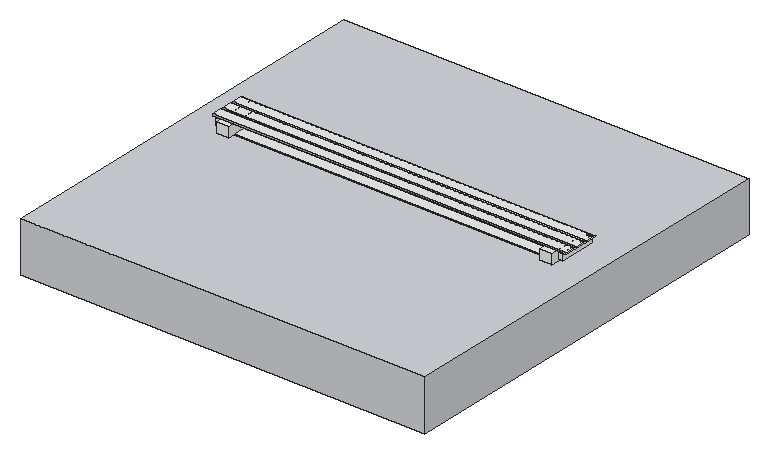
Revit family "Runtal-EB3-120D-120-Volts-84", category Mechanical Equipment, host Face, Revit 2026
Family settings
  Host = Face
  Round Connector Dimension = Use Diameter
  Part Type = Normal
  Classification Number = 23.75.10.14.14
  Cut with Voids When Loaded = No
  Maintain Annotation Orientation = No
  Shared = No
  Room Calculation Point = No
Parameters (values of type "Radiator-EB3-120D-84-Runtal-Electric Baseboard")
  Vertical Conection = Powder Coated-Runtal- Brass
  URL = "http://www.runtalnorthamerica.com/cartpages/orderelectricbaseboard.html"
  Model = "EB3-120D-(120 Volts)84"
  Manufacturer = "Runtal Radiators"
  Logo = Paint-Runtal-B-Black Matte
  Length [instance] = 8.000 ft
  Lamelle = yes
  Height [instance] = 0.000 ft
  Grille = yes
  Description = "84\" Runtal’s electric baseboard combines high outputs and low surface temperatures with the fine design and outstanding outputs."
  Depth [instance] = 0.000 ft
  Default Elevation = 4.479167 ft
  Casing = Powder Coated-Runtal-W-White
  Assembly Code = "D3020"
Reference planes (ft)
  plane 1 "Center (Front/Back)": y = 0
  plane 2: z = 0
  plane 3 "Center (Left/Right)": x = 0
Forms (ft)
  Extrusion 1, solid
    sketch origin (0, 0, 0) x (1, 0, 0) y (0, 1, 0)
      loop
        line (-4, 4) -> (-4, -4) -> (4, -4) -> (4, 4) -> (-4, 4)
    from 0 to -1
  Extrusion 2, solid, material "Powder Coated-Runtal-W-White" <- "Casing", not visible
    sketch origin (-1.041667, -0.1875, -4.570916) x (0, 1, 0) y (0, 0, 1)
      loop
        line (-0.25, 4.705771) -> (-0.25, 4.914105)
        arc (-0.25, 4.914105) -> (-0.260417, 4.924521) -> (-0.270833, 4.914105) r 0.010417
        line (-0.270833, 4.914105) -> (-0.270833, 4.705771)
        arc (-0.270833, 4.705771) -> (-0.260417, 4.695355) -> (-0.25, 4.705771) r 0.010417
      loop
        line (-0.25, 5.195766) -> (-0.25, 5.4041)
        arc (-0.25, 5.4041) -> (-0.260417, 5.414516) -> (-0.270833, 5.4041) r 0.010417
        line (-0.270833, 5.4041) -> (-0.270833, 5.195766)
        arc (-0.270833, 5.195766) -> (-0.260417, 5.18535) -> (-0.25, 5.195766) r 0.010417
      loop
        line (-0.25, 4.950769) -> (-0.25, 5.159102)
        arc (-0.25, 5.159102) -> (-0.260417, 5.169519) -> (-0.270833, 5.159102) r 0.010417
        line (-0.270833, 5.159102) -> (-0.270833, 4.950769)
        arc (-0.270833, 4.950769) -> (-0.260417, 4.940352) -> (-0.25, 4.950769) r 0.010417
    from -1.958333 to 4.041667
  Extrusion 3, solid, material "Powder Coated-Runtal-W-White" <- "Casing", not visible
    sketch origin (-0.5, -0.025337, -0.40425) x (0, 1, 0) y (0, 0, 1)
      loop
        line (-0.401746, 1.04975) -> (-0.391329, 1.04975) -> (-0.391329, 1.218703) -> (-0.401746, 1.218703) -> (-0.401746, 1.04975)
    from -2.322917 to 3.322917
  Extrusion 4, solid, material "Powder Coated-Runtal-W-White" <- "Casing", not visible
    sketch origin (-2, 0.068697, 0) x (0, 1, 0) y (0, 0, 1)
      loop
        line (-0.495781, 0.125) -> (-0.372589, 0.125) -> (-0.372589, 0.831573)
        arc (-0.372589, 0.831573) -> (-0.376155, 0.840183) -> (-0.384766, 0.84375) r 0.012177
        line (-0.384766, 0.84375) -> (-0.486488, 0.84375)
        arc (-0.486488, 0.84375) -> (-0.493059, 0.841028) -> (-0.495781, 0.834457) r 0.009293
        line (-0.495781, 0.834457) -> (-0.495781, 0.814453) -> (-0.506197, 0.814453) -> (-0.506197, 0.6455) -> (-0.495781, 0.6455) -> (-0.495781, 0.562658) -> (-0.506197, 0.562658) -> (-0.506197, 0.402366) -> (-0.495781, 0.402366) -> (-0.495781, 0.325113) -> (-0.506197, 0.325113) -> (-0.506197, 0.164821) -> (-0.495781, 0.164821) -> (-0.495781, 0.125)
    from -0.9375 to -0.822917
  Extrusion 5, solid, material "Powder Coated-Runtal-W-White" <- "Casing", not visible
    sketch origin (2, 0.068697, 0) x (0, 1, 0) y (0, 0, -1)
      loop
        line (-0.495781, -0.125) -> (-0.495781, -0.164821) -> (-0.506197, -0.164821) -> (-0.506197, -0.325113) -> (-0.495781, -0.325113) -> (-0.495781, -0.402366) -> (-0.506197, -0.402366) -> (-0.506197, -0.562658) -> (-0.495781, -0.562658) -> (-0.495781, -0.6455) -> (-0.506197, -0.6455) -> (-0.506197, -0.814453) -> (-0.495781, -0.814453) -> (-0.495781, -0.834457)
        arc (-0.495781, -0.834457) -> (-0.493059, -0.841028) -> (-0.486488, -0.84375) r 0.009293
        line (-0.486488, -0.84375) -> (-0.384766, -0.84375)
        arc (-0.384766, -0.84375) -> (-0.376155, -0.840183) -> (-0.372589, -0.831573) r 0.012177
        line (-0.372589, -0.831573) -> (-0.372589, -0.125) -> (-0.495781, -0.125)
    from -0.9375 to -0.822917
  Extrusion 6, solid, material "Powder Coated-Runtal-W-White" <- "Casing", not visible
    sketch origin (2, 0.068697, 0) x (0, 1, 0) y (0, 0, -1)
      loop
        line (-0.506197, -0.562658) -> (-0.318697, -0.562658) -> (-0.318697, 0) -> (-0.506197, 0) -> (-0.506197, -0.562658)
    from -0.822917 to -0.583333
  Revolve 7, solid, material "Powder Coated-Runtal- Brass" <- "Vertical Conection", not visible, detail levels medium+fine
    sketch origin (2.760417, 0.068697, -0.104261) x (0, 1, 0) y (0, 0, 1)
      loop
        line (-0.325662, 0.445089) -> (-0.325662, 0.453515) -> (-0.336948, 0.453515) -> (-0.336948, 0.43704) -> (-0.308881, 0.43704) -> (-0.308881, 0.445089) -> (-0.312297, 0.445089) -> (-0.312297, 0.453515) -> (-0.31608, 0.453515) -> (-0.31608, 0.445089) -> (-0.325662, 0.445089)
      axis (-0.308881, 0.43704) -> (-0.336948, 0.43704)
    angle from 0 to 360
  Revolve 8, solid, material "Brass", not visible
    sketch origin (2.645833, 0.068697, -0.104261) x (0, 1, 0) y (0, 0, 1)
      loop
        line (-0.325662, 0.445089) -> (-0.325662, 0.453515) -> (-0.336948, 0.453515) -> (-0.336948, 0.43704) -> (-0.308881, 0.43704) -> (-0.308881, 0.445089) -> (-0.312297, 0.445089) -> (-0.312297, 0.453515) -> (-0.31608, 0.453515) -> (-0.31608, 0.445089) -> (-0.325662, 0.445089)
      axis (-0.308881, 0.43704) -> (-0.336948, 0.43704)
    angle from 0 to 360
  Extrusion 9, solid, material "Powder Coated-Runtal-W-White" <- "Casing", not visible
    sketch origin (-2, 0.068697, 0) x (0, 1, 0) y (0, 0, 1)
      loop
        line (-0.506197, 0.562658) -> (-0.506197, 0) -> (-0.318697, 0) -> (-0.318697, 0.562658) -> (-0.506197, 0.562658)
    from -0.822917 to -0.583333
  Revolve 10, solid, material "Brass", not visible
    sketch origin (-2.760417, 0.068697, -0.104261) x (0, 1, 0) y (0, 0, -1)
      loop
        line (-0.325662, -0.445089) -> (-0.31608, -0.445089) -> (-0.31608, -0.453515) -> (-0.312297, -0.453515) -> (-0.312297, -0.445089) -> (-0.308881, -0.445089) -> (-0.308881, -0.43704) -> (-0.336948, -0.43704) -> (-0.336948, -0.453515) -> (-0.325662, -0.453515) -> (-0.325662, -0.445089)
      axis (-0.308881, -0.43704) -> (-0.336948, -0.43704)
    angle from 0 to 360
  Revolve 11, solid, material "Brass", not visible
    sketch origin (-2.645833, 0.068697, -0.104261) x (0, 1, 0) y (0, 0, -1)
      loop
        line (-0.325662, -0.445089) -> (-0.31608, -0.445089) -> (-0.31608, -0.453515) -> (-0.312297, -0.453515) -> (-0.312297, -0.445089) -> (-0.308881, -0.445089) -> (-0.308881, -0.43704) -> (-0.336948, -0.43704) -> (-0.336948, -0.453515) -> (-0.325662, -0.453515) -> (-0.325662, -0.445089)
      axis (-0.308881, -0.43704) -> (-0.336948, -0.43704)
    angle from 0 to 360
  Extrusion 12, solid, material "UHMW, Black", not visible
    sketch origin (2.186648, 0.204561, -2.098472) x (1, 0, 0) y (0, 0, 1)
      loop
        line (0.708333, 2.877872) -> (0.713524, 2.877872) -> (0.713524, 2.890207)
        arc (0.713524, 2.890207) -> (0.715314, 2.892214) -> (0.717512, 2.890664) r 0.00202
        arc (0.717512, 2.890664) -> (0.71826, 2.889215) -> (0.719214, 2.887891) r 0.011057
        line (0.719214, 2.887891) -> (0.725319, 2.887891) -> (0.720987, 2.897182)
        arc (0.720987, 2.897182) -> (0.719614, 2.898304) -> (0.717887, 2.898705) r 0.003916
        line (0.717887, 2.898705) -> (0.710745, 2.898705)
        arc (0.710745, 2.898705) -> (0.709048, 2.898078) -> (0.708333, 2.896415) r 0.002293
        line (0.708333, 2.896415) -> (0.708333, 2.877872)
      loop
        line (0.731141, 2.877774) -> (0.74104, 2.877774) -> (0.74104, 2.89849)
        arc (0.74104, 2.89849) -> (0.738534, 2.900031) -> (0.736028, 2.89849) r 0.002809
        line (0.736028, 2.89849) -> (0.736028, 2.885662)
        arc (0.736028, 2.885662) -> (0.733992, 2.883626) -> (0.731957, 2.885662) r 0.002035
        line (0.731957, 2.885662) -> (0.727801, 2.899254)
        arc (0.727801, 2.899254) -> (0.725054, 2.900623) -> (0.723542, 2.897951) r 0.00223
        line (0.723542, 2.897951) -> (0.727487, 2.882129)
        arc (0.727487, 2.882129) -> (0.728812, 2.87953) -> (0.731141, 2.877774) r 0.006484
      loop
        line (0.742333, 2.877872) -> (0.747173, 2.877872) -> (0.747173, 2.890683)
        arc (0.747173, 2.890683) -> (0.748421, 2.892641) -> (0.750481, 2.891569) r 0.001719
        line (0.750481, 2.891569) -> (0.754367, 2.880892)
        arc (0.754367, 2.880892) -> (0.756691, 2.878393) -> (0.760104, 2.878321) r 0.00438
        line (0.760104, 2.878321) -> (0.755518, 2.895437)
        arc (0.755518, 2.895437) -> (0.75456, 2.897748) -> (0.752249, 2.898705) r 0.003268
        line (0.752249, 2.898705) -> (0.744217, 2.898705)
        arc (0.744217, 2.898705) -> (0.742885, 2.898154) -> (0.742333, 2.896822) r 0.001884
        line (0.742333, 2.896822) -> (0.742333, 2.877872)
      loop
        line (0.762343, 2.877872) -> (0.766226, 2.877872) -> (0.766226, 2.890244)
        arc (0.766226, 2.890244) -> (0.766685, 2.891486) -> (0.767841, 2.89213) r 0.001908
        line (0.767841, 2.89213) -> (0.777246, 2.89213)
        arc (0.777246, 2.89213) -> (0.779414, 2.889961) -> (0.777246, 2.887793) r 0.002169
        line (0.777246, 2.887793) -> (0.772456, 2.887793)
        arc (0.772456, 2.887793) -> (0.770789, 2.887102) -> (0.770099, 2.885436) r 0.002357
        line (0.770099, 2.885436) -> (0.770099, 2.879734)
        arc (0.770099, 2.879734) -> (0.771426, 2.878814) -> (0.773033, 2.878666) r 0.003173
        line (0.773033, 2.878666) -> (0.781219, 2.878666)
        arc (0.781219, 2.878666) -> (0.78313, 2.879458) -> (0.783922, 2.881369) r 0.002703
        line (0.783922, 2.881369) -> (0.783922, 2.89277)
        arc (0.783922, 2.89277) -> (0.782854, 2.895348) -> (0.780275, 2.896416) r 0.003646
        line (0.780275, 2.896416) -> (0.768185, 2.896416)
        arc (0.768185, 2.896416) -> (0.7668, 2.89699) -> (0.766226, 2.898376) r 0.00196
        line (0.766226, 2.898376) -> (0.766226, 2.901709)
        arc (0.766226, 2.901709) -> (0.764003, 2.903931) -> (0.761781, 2.901709) r 0.002222
        line (0.761781, 2.901709) -> (0.761781, 2.896305)
        arc (0.761781, 2.896305) -> (0.76034, 2.894864) -> (0.758372, 2.894336) r 0.003936
        arc (0.758372, 2.894336) -> (0.757269, 2.893233) -> (0.758372, 2.89213) r 0.001103
        arc (0.758372, 2.89213) -> (0.760535, 2.891682) -> (0.762343, 2.890413) r 0.00545
        line (0.762343, 2.890413) -> (0.762343, 2.877872)
      loop
        spline (0.773678, 2.88358) -> (0.773774, 2.8831) -> (0.774057, 2.882653) -> (0.774507, 2.88227) -> (0.775093, 2.881975) -> (0.775775, 2.88179) -> (0.776508, 2.881727) -> (0.77724, 2.88179) -> (0.777923, 2.881975) -> (0.778509, 2.88227) -> (0.778958, 2.882653) -> (0.779241, 2.8831) -> (0.779338, 2.88358)
        spline (0.779338, 2.88358) -> (0.779241, 2.88406) -> (0.778958, 2.884507) -> (0.778509, 2.88489) -> (0.777923, 2.885185) -> (0.77724, 2.88537) -> (0.776508, 2.885433) -> (0.775775, 2.88537) -> (0.775093, 2.885185) -> (0.774507, 2.88489) -> (0.774057, 2.884507) -> (0.773774, 2.88406) -> (0.773678, 2.88358)
      loop
        line (0.784855, 2.877872) -> (0.789512, 2.877872) -> (0.789512, 2.901585)
        arc (0.789512, 2.901585) -> (0.787184, 2.903914) -> (0.784855, 2.901585) r 0.002329
        line (0.784855, 2.901585) -> (0.784855, 2.877872)
    from 0.662875 to 0.66343
  Extrusion 13, solid, material "Powder Coated-Runtal-W-White" <- "Casing", not visible
    sketch origin (0, 0, 0) x (1, 0, 0) y (0, 1, 0)
      loop
        arc (-2.810172, -0.303891) -> (-2.819184, -0.307624) -> (-2.822917, -0.316636) r 0.012745
        line (-2.822917, -0.316636) -> (-2.822917, -0.424778)
        arc (-2.822917, -0.424778) -> (-2.819191, -0.433774) -> (-2.810195, -0.4375) r 0.012722
        line (-2.810195, -0.4375) -> (2.81024, -0.4375)
        arc (2.81024, -0.4375) -> (2.819204, -0.433787) -> (2.822917, -0.424823) r 0.012677
        line (2.822917, -0.424823) -> (2.822917, -0.316313)
        arc (2.822917, -0.316313) -> (2.819278, -0.30753) -> (2.810495, -0.303891) r 0.012422
        line (2.810495, -0.303891) -> (-2.810172, -0.303891)
    from 0.835286 to 0.84375
  Extrusion 14, solid, material "Powder Coated-Runtal-W-White" <- "Casing", not visible
    sketch origin (0, 0, 0) x (0, 1, 0) y (0, 0, 1)
      loop
        line (-0.25, 0.562658) -> (-0.259683, 0.562658) -> (-0.259683, 0.369436) -> (-0.25, 0.369436) -> (-0.25, 0.562658)
      loop
        line (-0.25, 0.353257) -> (-0.259683, 0.353257) -> (-0.259683, 0.124438) -> (-0.25, 0.124438) -> (-0.25, 0.353257)
    from -2.583333 to 2.583333
  Extrusion 15, solid, material "Powder Coated-Runtal-W-White" <- "Casing"
    sketch origin (-1.041667, -4.570916, -0.0625) x (0, 0, -1) y (0, 1, 0)
      loop
        line (-0.25, 4.705771) -> (-0.25, 4.914105)
        arc (-0.25, 4.914105) -> (-0.260417, 4.924521) -> (-0.270833, 4.914105) r 0.010417
        line (-0.270833, 4.914105) -> (-0.270833, 4.705771)
        arc (-0.270833, 4.705771) -> (-0.260417, 4.695355) -> (-0.25, 4.705771) r 0.010417
      loop
        line (-0.25, 5.195766) -> (-0.25, 5.4041)
        arc (-0.25, 5.4041) -> (-0.260417, 5.414516) -> (-0.270833, 5.4041) r 0.010417
        line (-0.270833, 5.4041) -> (-0.270833, 5.195766)
        arc (-0.270833, 5.195766) -> (-0.260417, 5.18535) -> (-0.25, 5.195766) r 0.010417
      loop
        line (-0.25, 4.950769) -> (-0.25, 5.159102)
        arc (-0.25, 5.159102) -> (-0.260417, 5.169519) -> (-0.270833, 5.159102) r 0.010417
        line (-0.270833, 5.159102) -> (-0.270833, 4.950769)
        arc (-0.270833, 4.950769) -> (-0.260417, 4.940352) -> (-0.25, 4.950769) r 0.010417
    from -2.458333 to 4.541667
  Extrusion 16, solid, material "Powder Coated-Runtal-W-White" <- "Casing"
    sketch origin (-0.5, -0.40425, -0.224663) x (0, 0, -1) y (0, 1, 0)
      loop
        line (-0.401746, 1.04975) -> (-0.391329, 1.04975) -> (-0.391329, 1.218703) -> (-0.401746, 1.218703) -> (-0.401746, 1.04975)
    from -2.822917 to 3.822917
  Extrusion 17, solid, material "Powder Coated-Runtal-W-White" <- "Casing"
    sketch origin (-2.5, 0, -0.318697) x (0, 0, -1) y (0, 1, 0)
      loop
        line (-0.495781, 0.125) -> (-0.372589, 0.125) -> (-0.372589, 0.831573)
        arc (-0.372589, 0.831573) -> (-0.376155, 0.840183) -> (-0.384766, 0.84375) r 0.012177
        line (-0.384766, 0.84375) -> (-0.486488, 0.84375)
        arc (-0.486488, 0.84375) -> (-0.493059, 0.841028) -> (-0.495781, 0.834457) r 0.009293
        line (-0.495781, 0.834457) -> (-0.495781, 0.814453) -> (-0.506197, 0.814453) -> (-0.506197, 0.6455) -> (-0.495781, 0.6455) -> (-0.495781, 0.562658) -> (-0.506197, 0.562658) -> (-0.506197, 0.402366) -> (-0.495781, 0.402366) -> (-0.495781, 0.325113) -> (-0.506197, 0.325113) -> (-0.506197, 0.164821) -> (-0.495781, 0.164821) -> (-0.495781, 0.125)
    from -0.9375 to -0.822917
  Extrusion 18, solid, material "Powder Coated-Runtal-W-White" <- "Casing"
    sketch origin (2.5, 0, -0.318697) x (0, 0, -1) y (0, -1, 0)
      loop
        line (-0.495781, -0.125) -> (-0.495781, -0.164821) -> (-0.506197, -0.164821) -> (-0.506197, -0.325113) -> (-0.495781, -0.325113) -> (-0.495781, -0.402366) -> (-0.506197, -0.402366) -> (-0.506197, -0.562658) -> (-0.495781, -0.562658) -> (-0.495781, -0.6455) -> (-0.506197, -0.6455) -> (-0.506197, -0.814453) -> (-0.495781, -0.814453) -> (-0.495781, -0.834457)
        arc (-0.495781, -0.834457) -> (-0.493059, -0.841028) -> (-0.486488, -0.84375) r 0.009293
        line (-0.486488, -0.84375) -> (-0.384766, -0.84375)
        arc (-0.384766, -0.84375) -> (-0.376155, -0.840183) -> (-0.372589, -0.831573) r 0.012177
        line (-0.372589, -0.831573) -> (-0.372589, -0.125) -> (-0.495781, -0.125)
    from -0.9375 to -0.822917
  Extrusion 19, solid, material "Powder Coated-Runtal-W-White" <- "Casing"
    sketch origin (2.5, 0, -0.318697) x (0, 0, -1) y (0, -1, 0)
      loop
        line (-0.506197, -0.562658) -> (-0.318697, -0.562658) -> (-0.318697, 0) -> (-0.506197, 0) -> (-0.506197, -0.562658)
    from -0.822917 to -0.583333
  Revolve 20, solid, material "Powder Coated-Runtal- Brass" <- "Vertical Conection", detail levels medium+fine
    sketch origin (3.260417, -0.104261, -0.318697) x (0, 0, -1) y (0, 1, 0)
      loop
        line (-0.325662, 0.445089) -> (-0.325662, 0.453515) -> (-0.336948, 0.453515) -> (-0.336948, 0.43704) -> (-0.308881, 0.43704) -> (-0.308881, 0.445089) -> (-0.312297, 0.445089) -> (-0.312297, 0.453515) -> (-0.31608, 0.453515) -> (-0.31608, 0.445089) -> (-0.325662, 0.445089)
      axis (-0.308881, 0.43704) -> (-0.336948, 0.43704)
    angle from 0 to 360
  Revolve 21, solid, material "Powder Coated-Runtal- Brass" <- "Vertical Conection", detail levels medium+fine
    sketch origin (3.145833, -0.104261, -0.318697) x (0, 0, -1) y (0, 1, 0)
      loop
        line (-0.325662, 0.445089) -> (-0.325662, 0.453515) -> (-0.336948, 0.453515) -> (-0.336948, 0.43704) -> (-0.308881, 0.43704) -> (-0.308881, 0.445089) -> (-0.312297, 0.445089) -> (-0.312297, 0.453515) -> (-0.31608, 0.453515) -> (-0.31608, 0.445089) -> (-0.325662, 0.445089)
      axis (-0.308881, 0.43704) -> (-0.336948, 0.43704)
    angle from 0 to 360
  Extrusion 22, solid, material "Powder Coated-Runtal-W-White" <- "Casing"
    sketch origin (-2.5, 0, -0.318697) x (0, 0, -1) y (0, 1, 0)
      loop
        line (-0.506197, 0.562658) -> (-0.506197, 0) -> (-0.318697, 0) -> (-0.318697, 0.562658) -> (-0.506197, 0.562658)
    from -0.822917 to -0.583333
  Revolve 23, solid, material "Powder Coated-Runtal- Brass" <- "Vertical Conection", detail levels medium+fine
    sketch origin (-3.260417, -0.104261, -0.318697) x (0, 0, -1) y (0, -1, 0)
      loop
        line (-0.325662, -0.445089) -> (-0.31608, -0.445089) -> (-0.31608, -0.453515) -> (-0.312297, -0.453515) -> (-0.312297, -0.445089) -> (-0.308881, -0.445089) -> (-0.308881, -0.43704) -> (-0.336948, -0.43704) -> (-0.336948, -0.453515) -> (-0.325662, -0.453515) -> (-0.325662, -0.445089)
      axis (-0.308881, -0.43704) -> (-0.336948, -0.43704)
    angle from 0 to 360
  Revolve 24, solid, material "Powder Coated-Runtal- Brass" <- "Vertical Conection", detail levels medium+fine
    sketch origin (-3.145833, -0.104261, -0.318697) x (0, 0, -1) y (0, -1, 0)
      loop
        line (-0.325662, -0.445089) -> (-0.31608, -0.445089) -> (-0.31608, -0.453515) -> (-0.312297, -0.453515) -> (-0.312297, -0.445089) -> (-0.308881, -0.445089) -> (-0.308881, -0.43704) -> (-0.336948, -0.43704) -> (-0.336948, -0.453515) -> (-0.325662, -0.453515) -> (-0.325662, -0.445089)
      axis (-0.308881, -0.43704) -> (-0.336948, -0.43704)
    angle from 0 to 360
  Extrusion 25, solid, material "Paint-Runtal-B-Black Matte" <- "Logo"
    sketch origin (2.682849, -2.098472, -0.454561) x (1, 0, 0) y (0, 1, 0)
      loop
        line (0.708333, 2.877872) -> (0.713524, 2.877872) -> (0.713524, 2.890207)
        arc (0.713524, 2.890207) -> (0.715314, 2.892214) -> (0.717512, 2.890664) r 0.00202
        arc (0.717512, 2.890664) -> (0.71826, 2.889215) -> (0.719214, 2.887891) r 0.011057
        line (0.719214, 2.887891) -> (0.725319, 2.887891) -> (0.720987, 2.897182)
        arc (0.720987, 2.897182) -> (0.719614, 2.898304) -> (0.717887, 2.898705) r 0.003916
        line (0.717887, 2.898705) -> (0.710745, 2.898705)
        arc (0.710745, 2.898705) -> (0.709048, 2.898078) -> (0.708333, 2.896415) r 0.002293
        line (0.708333, 2.896415) -> (0.708333, 2.877872)
      loop
        line (0.731141, 2.877774) -> (0.74104, 2.877774) -> (0.74104, 2.89849)
        arc (0.74104, 2.89849) -> (0.738534, 2.900031) -> (0.736028, 2.89849) r 0.002809
        line (0.736028, 2.89849) -> (0.736028, 2.885662)
        arc (0.736028, 2.885662) -> (0.733992, 2.883626) -> (0.731957, 2.885662) r 0.002035
        line (0.731957, 2.885662) -> (0.727801, 2.899254)
        arc (0.727801, 2.899254) -> (0.725054, 2.900623) -> (0.723542, 2.897951) r 0.00223
        line (0.723542, 2.897951) -> (0.727487, 2.882129)
        arc (0.727487, 2.882129) -> (0.728812, 2.87953) -> (0.731141, 2.877774) r 0.006484
      loop
        line (0.742333, 2.877872) -> (0.747173, 2.877872) -> (0.747173, 2.890683)
        arc (0.747173, 2.890683) -> (0.748421, 2.892641) -> (0.750481, 2.891569) r 0.001719
        line (0.750481, 2.891569) -> (0.754367, 2.880892)
        arc (0.754367, 2.880892) -> (0.756691, 2.878393) -> (0.760104, 2.878321) r 0.00438
        line (0.760104, 2.878321) -> (0.755518, 2.895437)
        arc (0.755518, 2.895437) -> (0.75456, 2.897748) -> (0.752249, 2.898705) r 0.003268
        line (0.752249, 2.898705) -> (0.744217, 2.898705)
        arc (0.744217, 2.898705) -> (0.742885, 2.898154) -> (0.742333, 2.896822) r 0.001884
        line (0.742333, 2.896822) -> (0.742333, 2.877872)
      loop
        line (0.762343, 2.877872) -> (0.766226, 2.877872) -> (0.766226, 2.890244)
        arc (0.766226, 2.890244) -> (0.766685, 2.891486) -> (0.767841, 2.89213) r 0.001908
        line (0.767841, 2.89213) -> (0.777246, 2.89213)
        arc (0.777246, 2.89213) -> (0.779414, 2.889961) -> (0.777246, 2.887793) r 0.002169
        line (0.777246, 2.887793) -> (0.772456, 2.887793)
        arc (0.772456, 2.887793) -> (0.770789, 2.887102) -> (0.770099, 2.885436) r 0.002357
        line (0.770099, 2.885436) -> (0.770099, 2.879734)
        arc (0.770099, 2.879734) -> (0.771426, 2.878814) -> (0.773033, 2.878666) r 0.003173
        line (0.773033, 2.878666) -> (0.781219, 2.878666)
        arc (0.781219, 2.878666) -> (0.78313, 2.879458) -> (0.783922, 2.881369) r 0.002703
        line (0.783922, 2.881369) -> (0.783922, 2.89277)
        arc (0.783922, 2.89277) -> (0.782854, 2.895348) -> (0.780275, 2.896416) r 0.003646
        line (0.780275, 2.896416) -> (0.768185, 2.896416)
        arc (0.768185, 2.896416) -> (0.7668, 2.89699) -> (0.766226, 2.898376) r 0.00196
        line (0.766226, 2.898376) -> (0.766226, 2.901709)
        arc (0.766226, 2.901709) -> (0.764003, 2.903931) -> (0.761781, 2.901709) r 0.002222
        line (0.761781, 2.901709) -> (0.761781, 2.896305)
        arc (0.761781, 2.896305) -> (0.76034, 2.894864) -> (0.758372, 2.894336) r 0.003936
        arc (0.758372, 2.894336) -> (0.757269, 2.893233) -> (0.758372, 2.89213) r 0.001103
        arc (0.758372, 2.89213) -> (0.760535, 2.891682) -> (0.762343, 2.890413) r 0.00545
        line (0.762343, 2.890413) -> (0.762343, 2.877872)
      loop
        spline (0.773678, 2.88358) -> (0.773774, 2.8831) -> (0.774057, 2.882653) -> (0.774507, 2.88227) -> (0.775093, 2.881975) -> (0.775775, 2.88179) -> (0.776508, 2.881727) -> (0.77724, 2.88179) -> (0.777923, 2.881975) -> (0.778509, 2.88227) -> (0.778958, 2.882653) -> (0.779241, 2.8831) -> (0.779338, 2.88358)
        spline (0.779338, 2.88358) -> (0.779241, 2.88406) -> (0.778958, 2.884507) -> (0.778509, 2.88489) -> (0.777923, 2.885185) -> (0.77724, 2.88537) -> (0.776508, 2.885433) -> (0.775775, 2.88537) -> (0.775093, 2.885185) -> (0.774507, 2.88489) -> (0.774057, 2.884507) -> (0.773774, 2.88406) -> (0.773678, 2.88358)
      loop
        line (0.784855, 2.877872) -> (0.789512, 2.877872) -> (0.789512, 2.901585)
        arc (0.789512, 2.901585) -> (0.787184, 2.903914) -> (0.784855, 2.901585) r 0.002329
        line (0.784855, 2.901585) -> (0.784855, 2.877872)
    from 0.662875 to 0.66343
  Extrusion 26, solid, material "Powder Coated-Runtal-W-White" <- "Casing"
    sketch origin (0, 0, -0.25) x (1, 0, 0) y (0, 0, -1)
      loop
        arc (-3.310172, -0.303891) -> (-3.319184, -0.307624) -> (-3.322917, -0.316636) r 0.012745
        line (-3.322917, -0.316636) -> (-3.322917, -0.424778)
        arc (-3.322917, -0.424778) -> (-3.319191, -0.433774) -> (-3.310195, -0.4375) r 0.012722
        line (-3.310195, -0.4375) -> (3.31024, -0.4375)
        arc (3.31024, -0.4375) -> (3.319204, -0.433787) -> (3.322917, -0.424823) r 0.012677
        line (3.322917, -0.424823) -> (3.322917, -0.316313)
        arc (3.322917, -0.316313) -> (3.319278, -0.30753) -> (3.310495, -0.303891) r 0.012422
        line (3.310495, -0.303891) -> (-3.310172, -0.303891)
    from 0.835286 to 0.84375
  Extrusion 27, solid, material "Powder Coated-Runtal-W-White" <- "Casing"
    sketch origin (0, 0, -0.25) x (0, 0, -1) y (0, 1, 0)
      loop
        line (-0.25, 0.562658) -> (-0.259683, 0.562658) -> (-0.259683, 0.369436) -> (-0.25, 0.369436) -> (-0.25, 0.562658)
      loop
        line (-0.25, 0.353257) -> (-0.259683, 0.353257) -> (-0.259683, 0.124438) -> (-0.25, 0.124438) -> (-0.25, 0.353257)
    from -3.083333 to 3.083333
  Extrusion 28, solid, material "Powder Coated-Runtal-W-White" <- "Casing", not visible
    sketch origin (-1.041667, -0.1875, -4.570916) x (0, 1, 0) y (0, 0, 1)
      loop
        line (-0.25, 4.705771) -> (-0.25, 4.914105)
        arc (-0.25, 4.914105) -> (-0.260417, 4.924521) -> (-0.270833, 4.914105) r 0.010417
        line (-0.270833, 4.914105) -> (-0.270833, 4.705771)
        arc (-0.270833, 4.705771) -> (-0.260417, 4.695355) -> (-0.25, 4.705771) r 0.010417
      loop
        line (-0.25, 5.195766) -> (-0.25, 5.4041)
        arc (-0.25, 5.4041) -> (-0.260417, 5.414516) -> (-0.270833, 5.4041) r 0.010417
        line (-0.270833, 5.4041) -> (-0.270833, 5.195766)
        arc (-0.270833, 5.195766) -> (-0.260417, 5.18535) -> (-0.25, 5.195766) r 0.010417
      loop
        line (-0.25, 4.950769) -> (-0.25, 5.159102)
        arc (-0.25, 5.159102) -> (-0.260417, 5.169519) -> (-0.270833, 5.159102) r 0.010417
        line (-0.270833, 5.159102) -> (-0.270833, 4.950769)
        arc (-0.270833, 4.950769) -> (-0.260417, 4.940352) -> (-0.25, 4.950769) r 0.010417
    from -2.458333 to 4.541667
  Extrusion 29, solid, material "Powder Coated-Runtal-W-White" <- "Casing", not visible
    sketch origin (-0.5, -0.025337, -0.40425) x (0, 1, 0) y (0, 0, 1)
      loop
        line (-0.401746, 1.04975) -> (-0.391329, 1.04975) -> (-0.391329, 1.218703) -> (-0.401746, 1.218703) -> (-0.401746, 1.04975)
    from -2.822917 to 3.822917
  Extrusion 30, solid, material "Powder Coated-Runtal-W-White" <- "Casing", not visible
    sketch origin (-2.5, 0.068697, 0) x (0, 1, 0) y (0, 0, 1)
      loop
        line (-0.495781, 0.125) -> (-0.372589, 0.125) -> (-0.372589, 0.831573)
        arc (-0.372589, 0.831573) -> (-0.376155, 0.840183) -> (-0.384766, 0.84375) r 0.012177
        line (-0.384766, 0.84375) -> (-0.486488, 0.84375)
        arc (-0.486488, 0.84375) -> (-0.493059, 0.841028) -> (-0.495781, 0.834457) r 0.009293
        line (-0.495781, 0.834457) -> (-0.495781, 0.814453) -> (-0.506197, 0.814453) -> (-0.506197, 0.6455) -> (-0.495781, 0.6455) -> (-0.495781, 0.562658) -> (-0.506197, 0.562658) -> (-0.506197, 0.402366) -> (-0.495781, 0.402366) -> (-0.495781, 0.325113) -> (-0.506197, 0.325113) -> (-0.506197, 0.164821) -> (-0.495781, 0.164821) -> (-0.495781, 0.125)
    from -0.9375 to -0.822917
  Extrusion 31, solid, material "Powder Coated-Runtal-W-White" <- "Casing", not visible
    sketch origin (2.5, 0.068697, 0) x (0, 1, 0) y (0, 0, -1)
      loop
        line (-0.495781, -0.125) -> (-0.495781, -0.164821) -> (-0.506197, -0.164821) -> (-0.506197, -0.325113) -> (-0.495781, -0.325113) -> (-0.495781, -0.402366) -> (-0.506197, -0.402366) -> (-0.506197, -0.562658) -> (-0.495781, -0.562658) -> (-0.495781, -0.6455) -> (-0.506197, -0.6455) -> (-0.506197, -0.814453) -> (-0.495781, -0.814453) -> (-0.495781, -0.834457)
        arc (-0.495781, -0.834457) -> (-0.493059, -0.841028) -> (-0.486488, -0.84375) r 0.009293
        line (-0.486488, -0.84375) -> (-0.384766, -0.84375)
        arc (-0.384766, -0.84375) -> (-0.376155, -0.840183) -> (-0.372589, -0.831573) r 0.012177
        line (-0.372589, -0.831573) -> (-0.372589, -0.125) -> (-0.495781, -0.125)
    from -0.9375 to -0.822917
  Extrusion 32, solid, material "Powder Coated-Runtal-W-White" <- "Casing", not visible
    sketch origin (2.5, 0.068697, 0) x (0, 1, 0) y (0, 0, -1)
      loop
        line (-0.506197, -0.562658) -> (-0.318697, -0.562658) -> (-0.318697, 0) -> (-0.506197, 0) -> (-0.506197, -0.562658)
    from -0.822917 to -0.583333
  Revolve 33, solid, material "Powder Coated-Runtal- Brass" <- "Vertical Conection", not visible, detail levels medium+fine
    sketch origin (3.260417, 0.068697, -0.104261) x (0, 1, 0) y (0, 0, 1)
      loop
        line (-0.325662, 0.445089) -> (-0.325662, 0.453515) -> (-0.336948, 0.453515) -> (-0.336948, 0.43704) -> (-0.308881, 0.43704) -> (-0.308881, 0.445089) -> (-0.312297, 0.445089) -> (-0.312297, 0.453515) -> (-0.31608, 0.453515) -> (-0.31608, 0.445089) -> (-0.325662, 0.445089)
      axis (-0.308881, 0.43704) -> (-0.336948, 0.43704)
    angle from 0 to 360
  Revolve 34, solid, material "Powder Coated-Runtal- Brass" <- "Vertical Conection", not visible, detail levels medium+fine
    sketch origin (3.145833, 0.068697, -0.104261) x (0, 1, 0) y (0, 0, 1)
      loop
        line (-0.325662, 0.445089) -> (-0.325662, 0.453515) -> (-0.336948, 0.453515) -> (-0.336948, 0.43704) -> (-0.308881, 0.43704) -> (-0.308881, 0.445089) -> (-0.312297, 0.445089) -> (-0.312297, 0.453515) -> (-0.31608, 0.453515) -> (-0.31608, 0.445089) -> (-0.325662, 0.445089)
      axis (-0.308881, 0.43704) -> (-0.336948, 0.43704)
    angle from 0 to 360
  Extrusion 35, solid, material "Powder Coated-Runtal-W-White" <- "Casing", not visible
    sketch origin (-2.5, 0.068697, 0) x (0, 1, 0) y (0, 0, 1)
      loop
        line (-0.506197, 0.562658) -> (-0.506197, 0) -> (-0.318697, 0) -> (-0.318697, 0.562658) -> (-0.506197, 0.562658)
    from -0.822917 to -0.583333
  Revolve 36, solid, material "Powder Coated-Runtal- Brass" <- "Vertical Conection", not visible, detail levels medium+fine
    sketch origin (-3.260417, 0.068697, -0.104261) x (0, 1, 0) y (0, 0, -1)
      loop
        line (-0.325662, -0.445089) -> (-0.31608, -0.445089) -> (-0.31608, -0.453515) -> (-0.312297, -0.453515) -> (-0.312297, -0.445089) -> (-0.308881, -0.445089) -> (-0.308881, -0.43704) -> (-0.336948, -0.43704) -> (-0.336948, -0.453515) -> (-0.325662, -0.453515) -> (-0.325662, -0.445089)
      axis (-0.308881, -0.43704) -> (-0.336948, -0.43704)
    angle from 0 to 360
  Revolve 37, solid, material "Powder Coated-Runtal- Brass" <- "Vertical Conection", not visible, detail levels medium+fine
    sketch origin (-3.145833, 0.068697, -0.104261) x (0, 1, 0) y (0, 0, -1)
      loop
        line (-0.325662, -0.445089) -> (-0.31608, -0.445089) -> (-0.31608, -0.453515) -> (-0.312297, -0.453515) -> (-0.312297, -0.445089) -> (-0.308881, -0.445089) -> (-0.308881, -0.43704) -> (-0.336948, -0.43704) -> (-0.336948, -0.453515) -> (-0.325662, -0.453515) -> (-0.325662, -0.445089)
      axis (-0.308881, -0.43704) -> (-0.336948, -0.43704)
    angle from 0 to 360
  Extrusion 38, solid, material "Paint-Runtal-B-Black Matte" <- "Logo", not visible
    sketch origin (2.682849, 0.204561, -2.098472) x (1, 0, 0) y (0, 0, 1)
      loop
        line (0.708333, 2.877872) -> (0.713524, 2.877872) -> (0.713524, 2.890207)
        arc (0.713524, 2.890207) -> (0.715314, 2.892214) -> (0.717512, 2.890664) r 0.00202
        arc (0.717512, 2.890664) -> (0.71826, 2.889215) -> (0.719214, 2.887891) r 0.011057
        line (0.719214, 2.887891) -> (0.725319, 2.887891) -> (0.720987, 2.897182)
        arc (0.720987, 2.897182) -> (0.719614, 2.898304) -> (0.717887, 2.898705) r 0.003916
        line (0.717887, 2.898705) -> (0.710745, 2.898705)
        arc (0.710745, 2.898705) -> (0.709048, 2.898078) -> (0.708333, 2.896415) r 0.002293
        line (0.708333, 2.896415) -> (0.708333, 2.877872)
      loop
        line (0.731141, 2.877774) -> (0.74104, 2.877774) -> (0.74104, 2.89849)
        arc (0.74104, 2.89849) -> (0.738534, 2.900031) -> (0.736028, 2.89849) r 0.002809
        line (0.736028, 2.89849) -> (0.736028, 2.885662)
        arc (0.736028, 2.885662) -> (0.733992, 2.883626) -> (0.731957, 2.885662) r 0.002035
        line (0.731957, 2.885662) -> (0.727801, 2.899254)
        arc (0.727801, 2.899254) -> (0.725054, 2.900623) -> (0.723542, 2.897951) r 0.00223
        line (0.723542, 2.897951) -> (0.727487, 2.882129)
        arc (0.727487, 2.882129) -> (0.728812, 2.87953) -> (0.731141, 2.877774) r 0.006484
      loop
        line (0.742333, 2.877872) -> (0.747173, 2.877872) -> (0.747173, 2.890683)
        arc (0.747173, 2.890683) -> (0.748421, 2.892641) -> (0.750481, 2.891569) r 0.001719
        line (0.750481, 2.891569) -> (0.754367, 2.880892)
        arc (0.754367, 2.880892) -> (0.756691, 2.878393) -> (0.760104, 2.878321) r 0.00438
        line (0.760104, 2.878321) -> (0.755518, 2.895437)
        arc (0.755518, 2.895437) -> (0.75456, 2.897748) -> (0.752249, 2.898705) r 0.003268
        line (0.752249, 2.898705) -> (0.744217, 2.898705)
        arc (0.744217, 2.898705) -> (0.742885, 2.898154) -> (0.742333, 2.896822) r 0.001884
        line (0.742333, 2.896822) -> (0.742333, 2.877872)
      loop
        line (0.762343, 2.877872) -> (0.766226, 2.877872) -> (0.766226, 2.890244)
        arc (0.766226, 2.890244) -> (0.766685, 2.891486) -> (0.767841, 2.89213) r 0.001908
        line (0.767841, 2.89213) -> (0.777246, 2.89213)
        arc (0.777246, 2.89213) -> (0.779414, 2.889961) -> (0.777246, 2.887793) r 0.002169
        line (0.777246, 2.887793) -> (0.772456, 2.887793)
        arc (0.772456, 2.887793) -> (0.770789, 2.887102) -> (0.770099, 2.885436) r 0.002357
        line (0.770099, 2.885436) -> (0.770099, 2.879734)
        arc (0.770099, 2.879734) -> (0.771426, 2.878814) -> (0.773033, 2.878666) r 0.003173
        line (0.773033, 2.878666) -> (0.781219, 2.878666)
        arc (0.781219, 2.878666) -> (0.78313, 2.879458) -> (0.783922, 2.881369) r 0.002703
        line (0.783922, 2.881369) -> (0.783922, 2.89277)
        arc (0.783922, 2.89277) -> (0.782854, 2.895348) -> (0.780275, 2.896416) r 0.003646
        line (0.780275, 2.896416) -> (0.768185, 2.896416)
        arc (0.768185, 2.896416) -> (0.7668, 2.89699) -> (0.766226, 2.898376) r 0.00196
        line (0.766226, 2.898376) -> (0.766226, 2.901709)
        arc (0.766226, 2.901709) -> (0.764003, 2.903931) -> (0.761781, 2.901709) r 0.002222
        line (0.761781, 2.901709) -> (0.761781, 2.896305)
        arc (0.761781, 2.896305) -> (0.76034, 2.894864) -> (0.758372, 2.894336) r 0.003936
        arc (0.758372, 2.894336) -> (0.757269, 2.893233) -> (0.758372, 2.89213) r 0.001103
        arc (0.758372, 2.89213) -> (0.760535, 2.891682) -> (0.762343, 2.890413) r 0.00545
        line (0.762343, 2.890413) -> (0.762343, 2.877872)
      loop
        spline (0.773678, 2.88358) -> (0.773774, 2.8831) -> (0.774057, 2.882653) -> (0.774507, 2.88227) -> (0.775093, 2.881975) -> (0.775775, 2.88179) -> (0.776508, 2.881727) -> (0.77724, 2.88179) -> (0.777923, 2.881975) -> (0.778509, 2.88227) -> (0.778958, 2.882653) -> (0.779241, 2.8831) -> (0.779338, 2.88358)
        spline (0.779338, 2.88358) -> (0.779241, 2.88406) -> (0.778958, 2.884507) -> (0.778509, 2.88489) -> (0.777923, 2.885185) -> (0.77724, 2.88537) -> (0.776508, 2.885433) -> (0.775775, 2.88537) -> (0.775093, 2.885185) -> (0.774507, 2.88489) -> (0.774057, 2.884507) -> (0.773774, 2.88406) -> (0.773678, 2.88358)
      loop
        line (0.784855, 2.877872) -> (0.789512, 2.877872) -> (0.789512, 2.901585)
        arc (0.789512, 2.901585) -> (0.787184, 2.903914) -> (0.784855, 2.901585) r 0.002329
        line (0.784855, 2.901585) -> (0.784855, 2.877872)
    from 0.662875 to 0.66343
  Extrusion 39, solid, material "Powder Coated-Runtal-W-White" <- "Casing", not visible
    sketch origin (0, 0, 0) x (1, 0, 0) y (0, 1, 0)
      loop
        arc (-3.310172, -0.303891) -> (-3.319184, -0.307624) -> (-3.322917, -0.316636) r 0.012745
        line (-3.322917, -0.316636) -> (-3.322917, -0.424778)
        arc (-3.322917, -0.424778) -> (-3.319191, -0.433774) -> (-3.310195, -0.4375) r 0.012722
        line (-3.310195, -0.4375) -> (3.31024, -0.4375)
        arc (3.31024, -0.4375) -> (3.319204, -0.433787) -> (3.322917, -0.424823) r 0.012677
        line (3.322917, -0.424823) -> (3.322917, -0.316313)
        arc (3.322917, -0.316313) -> (3.319278, -0.30753) -> (3.310495, -0.303891) r 0.012422
        line (3.310495, -0.303891) -> (-3.310172, -0.303891)
    from 0.835286 to 0.84375
  Extrusion 40, solid, material "Powder Coated-Runtal-W-White" <- "Casing", not visible
    sketch origin (0, 0, 0) x (0, 1, 0) y (0, 0, 1)
      loop
        line (-0.25, 0.562658) -> (-0.259683, 0.562658) -> (-0.259683, 0.369436) -> (-0.25, 0.369436) -> (-0.25, 0.562658)
      loop
        line (-0.25, 0.353257) -> (-0.259683, 0.353257) -> (-0.259683, 0.124438) -> (-0.25, 0.124438) -> (-0.25, 0.353257)
    from -3.083333 to 3.083333
  Extrusion 41, void, not visible
    sketch origin (0.994792, 0.25, 0) x (-1, 0, 0) y (0, 0, -1)
      loop
        line (0.021311, -1.266079) -> (0.021311, -1.249489)
        arc (0.021311, -1.249489) -> (0.005269, -1.242617) -> (-0.00263, -1.227055) r 0.025575
        line (-0.00263, -1.227055) -> (-0.00263, -1.036262)
        arc (-0.00263, -1.036262) -> (0.005591, -1.021398) -> (0.021311, -1.014963) r 0.025575
        line (0.021311, -1.014963) -> (0.021311, -1.004864)
        arc (0.021311, -1.004864) -> (0.005269, -0.997991) -> (-0.00263, -0.982429) r 0.025575
        line (-0.00263, -0.982429) -> (-0.00263, -0.791636)
        arc (-0.00263, -0.791636) -> (0.005591, -0.776773) -> (0.021311, -0.770338) r 0.025575
        line (0.021311, -0.770338) -> (0.021311, -0.760238)
        arc (0.021311, -0.760238) -> (0.005591, -0.753803) -> (-0.00263, -0.73894) r 0.025575
        line (-0.00263, -0.73894) -> (-0.00263, -0.550284)
        arc (-0.00263, -0.550284) -> (0.005269, -0.534721) -> (0.021311, -0.527849) r 0.025575
        line (0.021311, -0.527849) -> (0.021311, -0.495245) -> (-0.023817, -0.495245) -> (-0.023817, -1.266079) -> (0.021311, -1.266079)
    from 0 to 1
  Extrusion 42, solid, not visible
    sketch origin (0.083333, 0, 0) x (0, 1, 0) y (0, 0, 1)
      loop
        line (-0.271463, 1.240339) -> (-0.316636, 1.240339)
        arc (-0.316636, 1.240339) -> (-0.328376, 1.235515) -> (-0.333332, 1.22383) r 0.016698
        line (-0.333332, 1.22383) -> (-0.333332, 1.209997) -> (-0.324868, 1.209997) -> (-0.324868, 1.22383)
        arc (-0.324868, 1.22383) -> (-0.322391, 1.22953) -> (-0.316636, 1.231876) r 0.008234
        line (-0.316636, 1.231876) -> (-0.271463, 1.231876)
        arc (-0.271463, 1.231876) -> (-0.262271, 1.228068) -> (-0.258464, 1.218876) r 0.013
        line (-0.258464, 1.218876) -> (-0.25, 1.218876)
        arc (-0.25, 1.218876) -> (-0.256286, 1.234053) -> (-0.271463, 1.240339) r 0.021463
    from -2.458333 to 2.291667
  Extrusion 43, solid, not visible
    sketch origin (-0.541667, -0.09375, -4.166667) x (0, 1, 0) y (0, 0, 1)
      loop
        line (-0.25, 4.716188) -> (-0.25, 4.903688)
        arc (-0.25, 4.903688) -> (-0.270833, 4.924521) -> (-0.291667, 4.903688) r 0.020833
        line (-0.291667, 4.903688) -> (-0.291667, 4.716188)
        arc (-0.291667, 4.716188) -> (-0.270833, 4.695355) -> (-0.25, 4.716188) r 0.020833
      loop
        line (-0.25, 5.203579) -> (-0.25, 5.391079)
        arc (-0.25, 5.391079) -> (-0.270833, 5.411912) -> (-0.291667, 5.391079) r 0.020833
        line (-0.291667, 5.391079) -> (-0.291667, 5.203579)
        arc (-0.291667, 5.203579) -> (-0.270833, 5.182745) -> (-0.25, 5.203579) r 0.020833
      loop
        line (-0.25, 4.959883) -> (-0.25, 5.147383)
        arc (-0.25, 5.147383) -> (-0.270833, 5.168217) -> (-0.291667, 5.147383) r 0.020833
        line (-0.291667, 5.147383) -> (-0.291667, 4.959883)
        arc (-0.291667, 4.959883) -> (-0.270833, 4.93905) -> (-0.25, 4.959883) r 0.020833
    from -1.958333 to 3.041667
  Extrusion 44, solid, not visible
    sketch origin (-0.522135, 0, 0) x (0, 1, 0) y (0, 0, 1)
      loop
        arc (-0.316636, 1.240339) -> (-0.328443, 1.235449) -> (-0.333333, 1.223642) r 0.016698
        line (-0.333333, 1.223642) -> (-0.333333, 1.210042) -> (-0.34375, 1.210042) -> (-0.34375, 1.169237) -> (-0.333333, 1.169237) -> (-0.333333, 1.096419) -> (-0.34375, 1.096419) -> (-0.34375, 1.04975) -> (-0.333333, 1.04975) -> (-0.333333, 0.966908) -> (-0.34375, 0.966908) -> (-0.34375, 0.926103) -> (-0.333333, 0.926103) -> (-0.333333, 0.853285) -> (-0.34375, 0.853285) -> (-0.34375, 0.806616) -> (-0.333333, 0.806616) -> (-0.333333, 0.729362) -> (-0.34375, 0.729362) -> (-0.34375, 0.688558) -> (-0.333333, 0.688558) -> (-0.333333, 0.61574) -> (-0.34375, 0.61574) -> (-0.34375, 0.569071) -> (-0.333333, 0.569071) -> (-0.333333, 0.545636)
        arc (-0.333333, 0.545636) -> (-0.328534, 0.534049) -> (-0.316948, 0.52925) r 0.016386
        line (-0.316948, 0.52925) -> (-0.264983, 0.52925)
        arc (-0.264983, 0.52925) -> (-0.254388, 0.533638) -> (-0.25, 0.544233) r 0.014983
        line (-0.25, 0.544233) -> (-0.25, 1.218876)
        arc (-0.25, 1.218876) -> (-0.256286, 1.234053) -> (-0.271463, 1.240339) r 0.021463
        line (-0.271463, 1.240339) -> (-0.316636, 1.240339)
    from -1.936198 to -1.852865
  Extrusion 45, solid, not visible
    sketch origin (0.333333, 0, 0) x (0, 1, 0) y (0, 0, 1)
      loop
        arc (-0.316636, 1.240339) -> (-0.328443, 1.235449) -> (-0.333333, 1.223642) r 0.016698
        line (-0.333333, 1.223642) -> (-0.333333, 1.210042) -> (-0.34375, 1.210042) -> (-0.34375, 1.169237) -> (-0.333333, 1.169237) -> (-0.333333, 1.096419) -> (-0.34375, 1.096419) -> (-0.34375, 1.04975) -> (-0.333333, 1.04975) -> (-0.333333, 0.966908) -> (-0.34375, 0.966908) -> (-0.34375, 0.926103) -> (-0.333333, 0.926103) -> (-0.333333, 0.853285) -> (-0.34375, 0.853285) -> (-0.34375, 0.806616) -> (-0.333333, 0.806616) -> (-0.333333, 0.729362) -> (-0.34375, 0.729362) -> (-0.34375, 0.688558) -> (-0.333333, 0.688558) -> (-0.333333, 0.61574) -> (-0.34375, 0.61574) -> (-0.34375, 0.569071) -> (-0.333333, 0.569071) -> (-0.333333, 0.545636)
        arc (-0.333333, 0.545636) -> (-0.328534, 0.534049) -> (-0.316948, 0.52925) r 0.016386
        line (-0.316948, 0.52925) -> (-0.264983, 0.52925)
        arc (-0.264983, 0.52925) -> (-0.254388, 0.533638) -> (-0.25, 0.544233) r 0.014983
        line (-0.25, 0.544233) -> (-0.25, 1.218876)
        arc (-0.25, 1.218876) -> (-0.256286, 1.234053) -> (-0.271463, 1.240339) r 0.021463
        line (-0.271463, 1.240339) -> (-0.316636, 1.240339)
    from 2.041667 to 2.125
  Extrusion 46, solid, not visible
    sketch origin (0.083333, 0, 1.769589) x (0, 1, 0) y (0, 0, 1)
      loop
        arc (-0.271463, -1.240339) -> (-0.256286, -1.234053) -> (-0.25, -1.218876) r 0.021463
        line (-0.25, -1.218876) -> (-0.258464, -1.218876)
        arc (-0.258464, -1.218876) -> (-0.262271, -1.228068) -> (-0.271463, -1.231876) r 0.013
        line (-0.271463, -1.231876) -> (-0.316636, -1.231876)
        arc (-0.316636, -1.231876) -> (-0.322391, -1.22953) -> (-0.324868, -1.22383) r 0.008234
        line (-0.324868, -1.22383) -> (-0.324868, -1.209997) -> (-0.333332, -1.209997) -> (-0.333332, -1.22383)
        arc (-0.333332, -1.22383) -> (-0.328376, -1.235515) -> (-0.316636, -1.240339) r 0.016698
        line (-0.316636, -1.240339) -> (-0.271463, -1.240339)
    from -2.458333 to 2.291667
  Extrusion 47, solid, not visible
    sketch origin (-0.293061, -0.093524, 0.052083) x (0, 1, 0) y (0, 0, 1)
      loop
        line (-0.405772, 1.039521) -> (-0.42871, 1.052235) -> (-0.42871, 1.119343) -> (-0.439126, 1.119343) -> (-0.439126, 1.046099) -> (-0.416189, 1.033385) -> (-0.416189, 0.911009) -> (-0.405772, 0.911009) -> (-0.405772, 1.039521)
    from 0 to 0.125
  Extrusion 48, solid, not visible
    sketch origin (-0.293061, -0.093524, 0.052083) x (0, 1, 0) y (0, 0, 1)
      loop
        line (-0.42871, 1.052235) -> (-0.419116, 1.052235) -> (-0.419116, 1.124815)
        arc (-0.419116, 1.124815) -> (-0.435215, 1.137878) -> (-0.453411, 1.127942) r 0.018612
        line (-0.453411, 1.127942) -> (-0.453411, 1.062652)
        arc (-0.453411, 1.062652) -> (-0.458443, 1.060046) -> (-0.463474, 1.062652) r 0.006161
        line (-0.463474, 1.062652) -> (-0.463474, 1.138086) -> (-0.471786, 1.138086) -> (-0.471786, 1.056369)
        arc (-0.471786, 1.056369) -> (-0.458443, 1.049629) -> (-0.4451, 1.056369) r 0.016578
        line (-0.4451, 1.056369) -> (-0.4451, 1.119343)
        arc (-0.4451, 1.119343) -> (-0.436905, 1.127538) -> (-0.42871, 1.119343) r 0.008195
        line (-0.42871, 1.119343) -> (-0.42871, 1.052235)
    from 0 to 0.125
  Revolve 49, solid, not visible
    sketch origin (-0.209413, 0.01856, 0) x (0, 1, 0) y (0, 0, 1)
      loop
        line (-0.538617, 0.645441) -> (-0.550897, 0.645441) -> (-0.550897, 0.642521) -> (-0.63423, 0.642521) -> (-0.63423, 0.633627) -> (-0.508136, 0.633627)
        arc (-0.508136, 0.633627) -> (-0.517279, 0.655644) -> (-0.538617, 0.666274) r 0.034064
        line (-0.538617, 0.666274) -> (-0.538617, 0.645441)
      axis (-0.63423, 0.633627) -> (-0.508136, 0.633627)
    angle from 0 to 360
  Extrusion 50, solid, not visible
    sketch origin (-0.28655, -0.088315, 0.057292) x (0, 1, 0) y (0, 0, 1)
      loop
        line (-0.405772, 1.039521) -> (-0.419116, 1.046917) -> (-0.419116, 1.119343) -> (-0.424429, 1.119343) -> (-0.424429, 1.044327) -> (-0.411168, 1.036976) -> (-0.411168, 0.911009) -> (-0.405772, 0.911009) -> (-0.405772, 1.039521)
    from 0 to 0.125
  Extrusion 51, solid, not visible
    sketch origin (-0.28655, -0.071926, 0.055858) x (0, 1, 0) y (0, 0, 1)
      loop
        line (-0.435307, 1.052235) -> (-0.428848, 1.052235) -> (-0.428848, 1.123454)
        arc (-0.428848, 1.123454) -> (-0.441129, 1.131712) -> (-0.453411, 1.123454) r 0.013262
        line (-0.453411, 1.123454) -> (-0.453411, 1.060445)
        arc (-0.453411, 1.060445) -> (-0.457649, 1.057056) -> (-0.461874, 1.060461) r 0.004334
        line (-0.461874, 1.060461) -> (-0.461874, 1.138086) -> (-0.467317, 1.138086) -> (-0.467317, 1.057126)
        arc (-0.467317, 1.057126) -> (-0.457157, 1.051458) -> (-0.446994, 1.05712) r 0.011945
        line (-0.446994, 1.05712) -> (-0.446994, 1.11968)
        arc (-0.446994, 1.11968) -> (-0.441151, 1.125524) -> (-0.435307, 1.11968) r 0.005844
        line (-0.435307, 1.11968) -> (-0.435307, 1.052235)
    from 0 to 0.125
  Revolve 52, solid, not visible
    sketch origin (-0.219409, 0.019146, -0.24007) x (0, 1, 0) y (0, 0, 1)
      loop
        line (-0.535416, 0.645441) -> (-0.542602, 0.645441) -> (-0.542602, 0.642521) -> (-0.625936, 0.642521) -> (-0.625936, 0.633627) -> (-0.51323, 0.633627)
        arc (-0.51323, 0.633627) -> (-0.519661, 0.652348) -> (-0.535416, 0.664331) r 0.034064
        line (-0.535416, 0.664331) -> (-0.535416, 0.645441)
      axis (-0.625936, 0.633627) -> (-0.51323, 0.633627)
    angle from 0 to 360
  Extrusion 53, solid, material "Metal, Paint Finish, White,Gloss", not visible
    sketch origin (2.089694, 0, 0.018283) x (0, 1, 0) y (0, 0, 1)
      loop
        line (-0.381197, 0.773542) -> (-0.325662, 0.773542) -> (-0.325662, 0.576296) -> (-0.318697, 0.576296) -> (-0.318697, 0.781154) -> (-0.372929, 0.781154) -> (-0.372929, 0.817004) -> (-0.381197, 0.817004) -> (-0.381197, 0.773542)
    from 0.931139 to 0.972806
  Extrusion 54, solid, material "Metal, Paint Finish, White,Gloss", not visible
    sketch origin (0.958333, -0.256197, -4.570916) x (0, 1, 0) y (0, 0, 1)
      loop
        line (-0.25, 4.705771) -> (-0.25, 4.914105)
        arc (-0.25, 4.914105) -> (-0.260417, 4.924521) -> (-0.270833, 4.914105) r 0.010417
        line (-0.270833, 4.914105) -> (-0.270833, 4.705771)
        arc (-0.270833, 4.705771) -> (-0.260417, 4.695355) -> (-0.25, 4.705771) r 0.010417
      loop
        line (-0.25, 5.195766) -> (-0.25, 5.4041)
        arc (-0.25, 5.4041) -> (-0.260417, 5.414516) -> (-0.270833, 5.4041) r 0.010417
        line (-0.270833, 5.4041) -> (-0.270833, 5.195766)
        arc (-0.270833, 5.195766) -> (-0.260417, 5.18535) -> (-0.25, 5.195766) r 0.010417
      loop
        line (-0.25, 4.950769) -> (-0.25, 5.159102)
        arc (-0.25, 5.159102) -> (-0.260417, 5.169519) -> (-0.270833, 5.159102) r 0.010417
        line (-0.270833, 5.159102) -> (-0.270833, 4.950769)
        arc (-0.270833, 4.950769) -> (-0.260417, 4.940352) -> (-0.25, 4.950769) r 0.010417
    from -4.458333 to 2.541667
  Extrusion 55, solid, material "Metal, Paint Finish, White,Gloss", not visible
    sketch origin (1.5, -0.094035, -0.40425) x (0, 1, 0) y (0, 0, 1)
      loop
        line (-0.401746, 1.04975) -> (-0.391329, 1.04975) -> (-0.391329, 1.218703) -> (-0.401746, 1.218703) -> (-0.401746, 1.04975)
    from -4.822917 to 1.822917
  Extrusion 56, solid, material "CFRP", not visible
    sketch origin (1.5, 0, 0) x (0, 1, 0) y (0, 0, 1)
      loop
        arc (-0.376196, 0.835286) -> (-0.373886, 0.83433) -> (-0.372929, 0.832019) r 0.003267
        line (-0.372929, 0.832019) -> (-0.372929, 0.80722) -> (-0.363746, 0.80722) -> (-0.363746, 0.836543)
        arc (-0.363746, 0.836543) -> (-0.365857, 0.841639) -> (-0.370953, 0.84375) r 0.007207
        line (-0.370953, 0.84375) -> (-0.506197, 0.84375) -> (-0.506197, 0.835286) -> (-0.376196, 0.835286)
    from -4.822917 to 1.822917
  Extrusion 57, solid, material "Metal, Paint Finish, White,Gloss", not visible
    sketch origin (2.5, 0, 0) x (0, 1, 0) y (0, 0, -1)
      loop
        line (-0.495781, -0.125) -> (-0.495781, -0.164821) -> (-0.506197, -0.164821) -> (-0.506197, -0.325113) -> (-0.495781, -0.325113) -> (-0.495781, -0.402366) -> (-0.506197, -0.402366) -> (-0.506197, -0.562658) -> (-0.495781, -0.562658) -> (-0.495781, -0.6455) -> (-0.506197, -0.6455) -> (-0.506197, -0.814453) -> (-0.495781, -0.814453) -> (-0.495781, -0.835286) -> (-0.381197, -0.835286) -> (-0.381197, -0.125) -> (-0.495781, -0.125)
    from -0.9375 to -0.822917
  Extrusion 58, solid, material "Metal, Paint Finish, White,Gloss", not visible
    sketch origin (2.5, 0, 0) x (0, 1, 0) y (0, 0, -1)
      loop
        line (-0.506197, -0.562658) -> (-0.318697, -0.562658) -> (-0.318697, 0) -> (-0.506197, 0) -> (-0.506197, -0.562658)
    from -0.822917 to -0.583333
  Extrusion 59, solid, material "Metal, Paint Finish, White,Gloss", not visible
    sketch origin (2.089694, 0, 0.018283) x (0, 1, 0) y (0, 0, 1)
      loop
        line (-0.381197, 0.773542) -> (-0.325662, 0.773542) -> (-0.325662, 0.576296) -> (-0.318697, 0.576296) -> (-0.318697, 0.781154) -> (-0.372929, 0.781154) -> (-0.372929, 0.817004) -> (-0.381197, 0.817004) -> (-0.381197, 0.773542)
    from 0.931139 to 0.972806
  Extrusion 60, solid, material "Metal, Paint Finish, White,Gloss", not visible
    sketch origin (2.006361, 0, 0.018283) x (0, 1, 0) y (0, 0, 1)
      loop
        line (-0.381197, 0.773542) -> (-0.325662, 0.773542) -> (-0.325662, 0.576296) -> (-0.318697, 0.576296) -> (-0.318697, 0.781154) -> (-0.372929, 0.781154) -> (-0.372929, 0.817004) -> (-0.381197, 0.817004) -> (-0.381197, 0.773542)
    from 0.931139 to 0.972806
  Extrusion 61, solid, material "Metal, Paint Finish, White,Gloss", not visible
    sketch origin (1.923027, 0, 0.018283) x (0, 1, 0) y (0, 0, 1)
      loop
        line (-0.381197, 0.773542) -> (-0.325662, 0.773542) -> (-0.325662, 0.576296) -> (-0.318697, 0.576296) -> (-0.318697, 0.781154) -> (-0.372929, 0.781154) -> (-0.372929, 0.817004) -> (-0.381197, 0.817004) -> (-0.381197, 0.773542)
    from 0.931139 to 0.972806
  Extrusion 62, solid, material "Metal, Paint Finish, White,Gloss", not visible
    sketch origin (1.839694, 0, 0.018283) x (0, 1, 0) y (0, 0, 1)
      loop
        line (-0.381197, 0.773542) -> (-0.325662, 0.773542) -> (-0.325662, 0.576296) -> (-0.318697, 0.576296) -> (-0.318697, 0.781154) -> (-0.372929, 0.781154) -> (-0.372929, 0.817004) -> (-0.381197, 0.817004) -> (-0.381197, 0.773542)
    from 0.931139 to 0.972806
  Extrusion 63, solid, material "Metal, Paint Finish, White,Gloss", not visible
    sketch origin (1.756361, 0, 0.018283) x (0, 1, 0) y (0, 0, 1)
      loop
        line (-0.381197, 0.773542) -> (-0.325662, 0.773542) -> (-0.325662, 0.576296) -> (-0.318697, 0.576296) -> (-0.318697, 0.781154) -> (-0.372929, 0.781154) -> (-0.372929, 0.817004) -> (-0.381197, 0.817004) -> (-0.381197, 0.773542)
    from 0.931139 to 0.972806
  Extrusion 64, solid, material "Metal, Paint Finish, White,Gloss", not visible
    sketch origin (1.673027, 0, 0.018283) x (0, 1, 0) y (0, 0, 1)
      loop
        line (-0.381197, 0.773542) -> (-0.325662, 0.773542) -> (-0.325662, 0.576296) -> (-0.318697, 0.576296) -> (-0.318697, 0.781154) -> (-0.372929, 0.781154) -> (-0.372929, 0.817004) -> (-0.381197, 0.817004) -> (-0.381197, 0.773542)
    from 0.931139 to 0.972806
  Extrusion 65, solid, material "Metal, Paint Finish, White,Gloss", not visible
    sketch origin (1.589694, 0, 0.018283) x (0, 1, 0) y (0, 0, 1)
      loop
        line (-0.381197, 0.773542) -> (-0.325662, 0.773542) -> (-0.325662, 0.576296) -> (-0.318697, 0.576296) -> (-0.318697, 0.781154) -> (-0.372929, 0.781154) -> (-0.372929, 0.817004) -> (-0.381197, 0.817004) -> (-0.381197, 0.773542)
    from 0.931139 to 0.972806
  Extrusion 66, solid, material "Metal, Paint Finish, White,Gloss", not visible
    sketch origin (1.506361, 0, 0.018283) x (0, 1, 0) y (0, 0, 1)
      loop
        line (-0.381197, 0.773542) -> (-0.325662, 0.773542) -> (-0.325662, 0.576296) -> (-0.318697, 0.576296) -> (-0.318697, 0.781154) -> (-0.372929, 0.781154) -> (-0.372929, 0.817004) -> (-0.381197, 0.817004) -> (-0.381197, 0.773542)
    from 0.931139 to 0.972806
  Extrusion 67, solid, material "Metal, Paint Finish, White,Gloss", not visible
    sketch origin (1.423027, 0, 0.018283) x (0, 1, 0) y (0, 0, 1)
      loop
        line (-0.381197, 0.773542) -> (-0.325662, 0.773542) -> (-0.325662, 0.576296) -> (-0.318697, 0.576296) -> (-0.318697, 0.781154) -> (-0.372929, 0.781154) -> (-0.372929, 0.817004) -> (-0.381197, 0.817004) -> (-0.381197, 0.773542)
    from 0.931139 to 0.972806
  Extrusion 68, solid, material "Metal, Paint Finish, White,Gloss", not visible
    sketch origin (1.339694, 0, 0.018283) x (0, 1, 0) y (0, 0, 1)
      loop
        line (-0.381197, 0.773542) -> (-0.325662, 0.773542) -> (-0.325662, 0.576296) -> (-0.318697, 0.576296) -> (-0.318697, 0.781154) -> (-0.372929, 0.781154) -> (-0.372929, 0.817004) -> (-0.381197, 0.817004) -> (-0.381197, 0.773542)
    from 0.931139 to 0.972806
  Extrusion 69, solid, material "Metal, Paint Finish, White,Gloss", not visible
    sketch origin (1.256361, 0, 0.018283) x (0, 1, 0) y (0, 0, 1)
      loop
        line (-0.381197, 0.773542) -> (-0.325662, 0.773542) -> (-0.325662, 0.576296) -> (-0.318697, 0.576296) -> (-0.318697, 0.781154) -> (-0.372929, 0.781154) -> (-0.372929, 0.817004) -> (-0.381197, 0.817004) -> (-0.381197, 0.773542)
    from 0.931139 to 0.972806
  Extrusion 70, solid, material "Metal, Paint Finish, White,Gloss", not visible
    sketch origin (1.173027, 0, 0.018283) x (0, 1, 0) y (0, 0, 1)
      loop
        line (-0.381197, 0.773542) -> (-0.325662, 0.773542) -> (-0.325662, 0.576296) -> (-0.318697, 0.576296) -> (-0.318697, 0.781154) -> (-0.372929, 0.781154) -> (-0.372929, 0.817004) -> (-0.381197, 0.817004) -> (-0.381197, 0.773542)
    from 0.931139 to 0.972806
  Extrusion 71, solid, material "Metal, Paint Finish, White,Gloss", not visible
    sketch origin (1.089694, 0, 0.018283) x (0, 1, 0) y (0, 0, 1)
      loop
        line (-0.381197, 0.773542) -> (-0.325662, 0.773542) -> (-0.325662, 0.576296) -> (-0.318697, 0.576296) -> (-0.318697, 0.781154) -> (-0.372929, 0.781154) -> (-0.372929, 0.817004) -> (-0.381197, 0.817004) -> (-0.381197, 0.773542)
    from 0.931139 to 0.972806
  Extrusion 72, solid, material "Metal, Paint Finish, White,Gloss", not visible
    sketch origin (1.006361, 0, 0.018283) x (0, 1, 0) y (0, 0, 1)
      loop
        line (-0.381197, 0.773542) -> (-0.325662, 0.773542) -> (-0.325662, 0.576296) -> (-0.318697, 0.576296) -> (-0.318697, 0.781154) -> (-0.372929, 0.781154) -> (-0.372929, 0.817004) -> (-0.381197, 0.817004) -> (-0.381197, 0.773542)
    from 0.931139 to 0.972806
